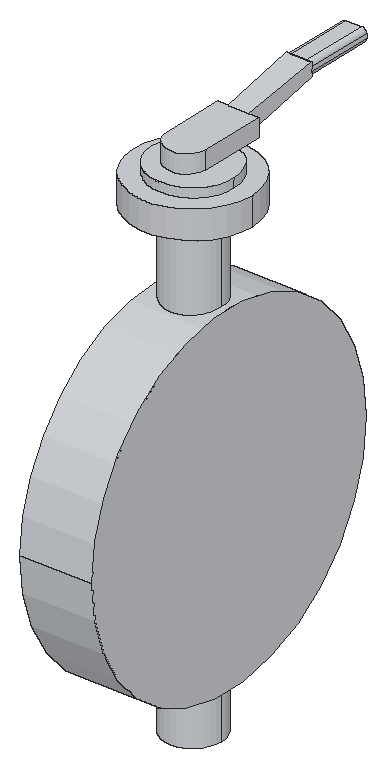
Revit family "HS497-68_disk-nerez_s pákou DN300-RFA_2019", category Pipe Accessories, Revit 2019
Family settings
  Round Connector Dimension = Use Diameter
  Part Type = Valve - Breaks Into
  Work Plane-Based = No
  Always vertical = Yes
  Cut with Voids When Loaded = No
  Shared = No
Parameters (values of type "HS 497-68_DN300_PN16_s pákou")
  magiProductId = ""
  magiProductFamilyId = "53cea81e6f374d17b8841d9c72ad77"
  magiPartTypeId = 305
  isMeasuringValve [instance] = no
  ang2D [instance] = 0.00°
  X11 = 88.77 mm
  X1 = 36.77 mm
  W2D = 1000 mm
  VersionID = "2.0/2017.9.26.1/ZETKAMA_497_001"
  Use Minimum Symbol Size [instance] = yes
  URL = "http://www.hydronic.cz"
  Type Comments = "mezipřírubová; nerezový disk; PN16; -10~+110°C (krátkodobě +120°C)"
  SW30 = no
  SW3 = no
  SW21 = no
  SW20 = yes
  SW2 = yes
  SW1 = no
  R = 150 mm
  QmdConnectorList = "301;D;302;D"
  Productdata [instance] = ""
  NC = 70 mm
  Manufacturer = "Hydronic Systems Prague s.r.o."
  MM20 = 36.77 mm
  MC Product Code = "121 300 (nerezový disk, s pákou; DN300; PN16, kvs7037)"
  M41 = 91.5 mm
  M4 = 61 mm
  LHL = 220 mm
  LHH3 = 2.45 mm
  LHH1 = 46.55 mm
  LH1 = 73.333 mm
  L4R__ve = -L4R  # -22.2 mm
  L4R = 22.2 mm
  L42__ve = -L42  # -166.5 mm
  L42 = 166.5 mm
  L41__ve = -L41  # -33.3 mm
  L41 = 33.3 mm
  L2D_Min = 3048 mm
  L2D = 216 mm
  L2 = 39 mm
  L1 = 62.4 mm
  L = 78 mm
  H = 23 mm
  G22 = 11.25 mm
  G2 = 22.5 mm
  G1 = 90 mm
  G = 130 mm
  F = 22 mm
  E44 = 62.5 mm
  E42 = 125 mm
  E4 = 250 mm
  E23 = 4.9 mm
  E22 = 19.6 mm
  E21 = 9.8 mm
  Description = "Mezipřírubová uzavírací klapka s pákou; nerezový disk, DN300; PN16; kvs7037"
  DR2 = 150 mm
  DR = 376 mm
  DD1 = 31.25 mm
  DD = 25 mm
  D = 300 mm
  CAT0 = yes
  B2__ve = -B2  # -90 mm
  B2 = 90 mm
  A2 = 30.8 mm
  A1 = 127.2 mm
Types (43, lengths in mm): name | magiProductId | X11 | X1 | Type Comments | SW30 | SW3 | SW20 | SW2 | SW1 | R | NC | Manufacturer | MM20 | MC Product Code | M41 | M4 | LHL | LHH3 | LHH1 | LH1 | L4R__ve | L4R | L42__ve | L42 | L41__ve | L41 | L2 | L1 | L | H | G | F | E44 | E42 | E4 | E23 | E22 | E21 | Description | DR2 | DR | DD1 | DD | D | B2__ve | B2 | A2 | A1
  HS 497-68_DN100_PN16_volné vřeteno | "65d1b245f4f142c78569c0602d5754" | 61.456 | 25.456 | "mezipřírubová; nerezový disk; PN16; -10~+110°C (krátkodobě +120°C)" | no | no | no | no | yes | 50 | 50 | "Hydronic Systems Prague s.r.o." | 25.456 | "124 100 (nerezový disk, s volným vřetenem; DN100; PN16, kvs512)" | 66 | 44 | 220 | 2.45 | 46.55 | 73.333 | -12.8 | 12.8 | -96 | 96 | -19.2 | 19.2 | 26 | 41.6 | 52 | 30 | 90 | 11 | 31.25 | 62.5 | 125 | 4.9 | 19.6 | 9.8 | "Mezipřírubová uzavírací klapka s volným vřetenem; nerezový disk, DN100; PN16; kvs512" | 50 | 147 | 15.625 | 12.5 | 100 | -56 | 56 | 16.5 | 98.5
  HS 497-68_DN100_PN16_převodové kolo | "11e91b807e674d428c8e796fcdcfe2" | 61.456 | 25.456 | "mezipřírubová; nerezový disk; PN16; -10~+110°C (krátkodobě +120°C)" | yes | yes | no | no | no | 50 | 50 | "Hydronic Systems Prague s.r.o." | 25.456 | "126 100 (nerezový disk, s převodovým kolem; DN100; PN16, kvs512)" | 65.25 | 43.5 | 220 | 2.45 | 46.55 | 73.333 | -12.8 | 12.8 | -96 | 96 | -19.2 | 19.2 | 26 | 41.6 | 52 | 30 | 90 | 11 | 31.25 | 62.5 | 125 | 4.9 | 19.6 | 9.8 | "Mezipřírubová uzavírací klapka s převodovým kolem; nerezový disk, DN100; PN16; kvs512" | 50 | 147 | 15.625 | 12.5 | 100 | -56 | 56 | 16.5 | 98.5
  HS 497-68_DN100_PN16_s pákou | "28172f0b3f4b47b28323ac71cf8749" | 61.456 | 25.456 | "mezipřírubová; nerezový disk; PN16; -10~+110°C (krátkodobě +120°C)" | no | no | yes | yes | no | 50 | 50 | "Hydronic Systems Prague s.r.o." | 25.456 | "121 100 (nerezový disk, s pákou; DN100; PN16, kvs512)" | 66 | 44 | 260 | 3 | 57 | 86.667 | -12.8 | 12.8 | -96 | 96 | -19.2 | 19.2 | 26 | 41.6 | 52 | 30 | 90 | 11 | 31.25 | 62.5 | 125 | 6 | 24 | 12 | "Mezipřírubová uzavírací klapka s pákou; nerezový disk, DN100; PN16; kvs512" | 50 | 147 | 15.625 | 12.5 | 100 | -56 | 56 | 16.5 | 98.5
  HS 497-68_DN125_PN16_volné vřeteno | "0d813d910fc14f628bb3c2efbd185c" | 61.456 | 25.456 | "mezipřírubová; nerezový disk; PN16; -10~+110°C (krátkodobě +120°C)" | no | no | no | no | yes | 62.5 | 50 | "Hydronic Systems Prague s.r.o." | 25.456 | "124 125 (nerezový disk, s volným vřetenem; DN125; PN16, kvs872)" | 66 | 44 | 220 | 2.45 | 46.55 | 73.333 | -12.8 | 12.8 | -96 | 96 | -19.2 | 19.2 | 28 | 44.8 | 56 | 33 | 90 | 14 | 31.25 | 62.5 | 125 | 4.9 | 19.6 | 9.8 | "Mezipřírubová uzavírací klapka s volným vřetenem; nerezový disk, DN125; PN16; kvs872" | 62.5 | 180 | 15.625 | 12.5 | 125 | -64 | 64 | 18 | 99.5
  HS 497-68_DN125_PN16_převodové kolo | "c56b7c13f372467684996fb1e0e229" | 61.456 | 25.456 | "mezipřírubová; nerezový disk; PN16; -10~+110°C (krátkodobě +120°C)" | yes | yes | no | no | no | 62.5 | 50 | "Hydronic Systems Prague s.r.o." | 25.456 | "126125 (nerezový disk, s převodovým kolem; DN125; PN16, kvs872)" | 65.25 | 43.5 | 220 | 2.45 | 46.55 | 73.333 | -13.5 | 13.5 | -101.25 | 101.25 | -20.25 | 20.25 | 28 | 44.8 | 56 | 33 | 90 | 14 | 40 | 80 | 160 | 4.9 | 19.6 | 9.8 | "Mezipřírubová uzavírací klapka s převodovým kolem; nerezový disk, DN125; PN16; kvs872" | 62.5 | 180 | 20 | 16 | 125 | -64 | 64 | 18 | 99.5
  HS 497-68_DN125_PN16_s pákou | "105993c79a91492399feef7931321a" | 61.456 | 25.456 | "mezipřírubová; nerezový disk; PN16; -10~+110°C (krátkodobě +120°C)" | no | no | yes | yes | no | 62.5 | 50 | "Hydronic Systems Prague s.r.o." | 25.456 | "121 125 (nerezový disk, s pákou; DN125; PN16, kvs872)" | 66 | 44 | 315 | 3.75 | 71.25 | 105 | -12.8 | 12.8 | -96 | 96 | -19.2 | 19.2 | 28 | 44.8 | 56 | 33 | 90 | 14 | 31.25 | 62.5 | 125 | 7.5 | 30 | 15 | "Mezipřírubová uzavírací klapka s pákou; nerezový disk, DN125; PN16; kvs872" | 62.5 | 180 | 15.625 | 12.5 | 125 | -64 | 64 | 18 | 99.5
  HS 497-68_DN150_PN16_volné vřeteno | "50c80cb8ab434f55ab7796e5ac1331" | 61.456 | 25.456 | "mezipřírubová; nerezový disk; PN16; -10~+110°C (krátkodobě +120°C)" | no | no | no | no | yes | 75 | 50 | "Hydronic Systems Prague s.r.o." | 25.456 | "124 150 (nerezový disk, s volným vřetenem; DN150; PN16, kvs1347)" | 66 | 44 | 220 | 2.45 | 46.55 | 73.333 | -12.8 | 12.8 | -96 | 96 | -19.2 | 19.2 | 28 | 44.8 | 56 | 33 | 90 | 14 | 31.25 | 62.5 | 125 | 4.9 | 19.6 | 9.8 | "Mezipřírubová uzavírací klapka s volným vřetenem; nerezový disk, DN150; PN16; kvs1347" | 75 | 206 | 15.625 | 12.5 | 150 | -58 | 58 | 19.3 | 98.7
  HS 497-68_DN150_PN16_převodové kolo | "d94a1a0cf83b476eb10011b327f709" | 61.456 | 25.456 | "mezipřírubová; nerezový disk; PN16; -10~+110°C (krátkodobě +120°C)" | yes | yes | no | no | no | 75 | 50 | "Hydronic Systems Prague s.r.o." | 25.456 | "126 150 (nerezový disk, s převodovým kolem; DN150; PN16, kvs1347)" | 65.25 | 43.5 | 220 | 2.45 | 46.55 | 73.333 | -13.5 | 13.5 | -101.25 | 101.25 | -20.25 | 20.25 | 28 | 44.8 | 56 | 33 | 90 | 14 | 40 | 80 | 160 | 4.9 | 19.6 | 9.8 | "Mezipřírubová uzavírací klapka s převodovým kolem; nerezový disk, DN150; PN16; kvs1347" | 75 | 206 | 20 | 16 | 150 | -58 | 58 | 19.3 | 98.7
  HS 497-68_DN150_PN16_s pákou | "4d2835523fe84828bc50ff0a5a0dfb" | 61.456 | 25.456 | "mezipřírubová; nerezový disk; PN16; -10~+110°C (krátkodobě +120°C)" | no | no | yes | yes | no | 75 | 50 | "Hydronic Systems Prague s.r.o." | 25.456 | "121 150 (nerezový disk, s pákou; DN150; PN16, kvs1347)" | 66 | 44 | 315 | 3.75 | 71.25 | 105 | -12.8 | 12.8 | -96 | 96 | -19.2 | 19.2 | 28 | 44.8 | 56 | 33 | 90 | 14 | 31.25 | 62.5 | 125 | 7.5 | 30 | 15 | "Mezipřírubová uzavírací klapka s pákou; nerezový disk, DN150; PN16; kvs1347" | 75 | 206 | 15.625 | 12.5 | 150 | -58 | 58 | 19.3 | 98.7
  HS 497-68_DN200_PN16_volné vřeteno | "5b29029eaeba47139ee1055a4b9201" | 61.456 | 25.456 | "mezipřírubová; nerezový disk; PN16; -10~+110°C (krátkodobě +120°C)" | no | no | no | no | yes | 100 | 50 | "Hydronic Systems Prague s.r.o." | 25.456 | "124 200 (nerezový disk, s volným vřetenem; DN200; PN16, kvs2675)" | 66 | 44 | 220 | 2.45 | 46.55 | 73.333 | -12.8 | 12.8 | -96 | 96 | -19.2 | 19.2 | 30 | 48 | 60 | 33 | 90 | 17 | 31.25 | 62.5 | 125 | 4.9 | 19.6 | 9.8 | "Mezipřírubová uzavírací klapka s volným vřetenem; nerezový disk, DN200; PN16; kvs2675" | 100 | 257 | 15.625 | 12.5 | 200 | -70 | 70 | 22.5 | 102.5
  HS 497-68_DN200_PN16_převodové kolo | "b2793cc1fcc44cf2a35062cd67c04f" | 61.456 | 25.456 | "mezipřírubová; nerezový disk; PN16; -10~+110°C (krátkodobě +120°C)" | yes | yes | no | no | no | 100 | 57 | "Hydronic Systems Prague s.r.o." | 25.456 | "126 200 (nerezový disk, s převodovým kolem; DN200; PN16, kvs2675)" | 78.75 | 52.5 | 220 | 2.45 | 46.55 | 73.333 | -15.2 | 15.2 | -114 | 114 | -22.8 | 22.8 | 30 | 48 | 60 | 33 | 90 | 17 | 50 | 100 | 200 | 4.9 | 19.6 | 9.8 | "Mezipřírubová uzavírací klapka s převodovým kolem; nerezový disk, DN200; PN16; kvs2675" | 100 | 257 | 25 | 20 | 200 | -70 | 70 | 22.5 | 102.5
  HS 497-68_DN200_PN16_s pákou | "f88d96c7af224537a51e72d7d8fffe" | 61.456 | 25.456 | "mezipřírubová; nerezový disk; PN16; -10~+110°C (krátkodobě +120°C)" | no | no | yes | yes | no | 100 | 50 | "Hydronic Systems Prague s.r.o." | 25.456 | "121 200 (nerezový disk, s pákou; DN200; PN16, kvs2675)" | 66 | 44 | 315 | 3.75 | 71.25 | 105 | -12.8 | 12.8 | -96 | 96 | -19.2 | 19.2 | 30 | 48 | 60 | 33 | 90 | 17 | 31.25 | 62.5 | 125 | 7.5 | 30 | 15 | "Mezipřírubová uzavírací klapka s pákou; nerezový disk, DN200; PN16; kvs2675" | 100 | 257 | 15.625 | 12.5 | 200 | -70 | 70 | 22.5 | 102.5
  HS 497-68_DN250_PN16_volné vřeteno | "b662e8305ca2402b9c510e66e6aa55" | 88.77 | 36.77 | "mezipřírubová; nerezový disk; PN16; -10~+110°C (krátkodobě +120°C)" | no | no | no | no | yes | 125 | 50 | "Hydronic Systems Prague s.r.o." | 36.77 | "124 250 (nerezový disk, s volným vřetenem; DN250; PN16, kvs4555)" | 66 | 44 | 220 | 2.45 | 46.55 | 73.333 | -12.8 | 12.8 | -96 | 96 | -19.2 | 19.2 | 34 | 54.4 | 68 | 23 | 130 | 22 | 31.25 | 62.5 | 125 | 4.9 | 19.6 | 9.8 | "Mezipřírubová uzavírací klapka s volným vřetenem; nerezový disk, DN250; PN16; kvs4555" | 125 | 324 | 15.625 | 12.5 | 250 | -85 | 85 | 28.25 | 129.25
  HS 497-68_DN250_PN16_převodové kolo | "5ee9016806664ddfaa2632711f295c" | 88.77 | 36.77 | "mezipřírubová; nerezový disk; PN16; -10~+110°C (krátkodobě +120°C)" | yes | yes | no | no | no | 125 | 70 | "Hydronic Systems Prague s.r.o." | 36.77 | "126 250 (nerezový disk, s převodovým kolem; DN250; PN16, kvs4555)" | 91.5 | 61 | 220 | 2.45 | 46.55 | 73.333 | -22.2 | 22.2 | -166.5 | 166.5 | -33.3 | 33.3 | 34 | 54.4 | 68 | 23 | 130 | 22 | 62.5 | 125 | 250 | 4.9 | 19.6 | 9.8 | "Mezipřírubová uzavírací klapka s převodovým kolem; nerezový disk, DN250; PN16; kvs4555" | 125 | 324 | 31.25 | 25 | 250 | -85 | 85 | 28.25 | 129.25
  HS 497-68_DN300_PN16_volné vřeteno | "e1886f51ff004380a649519258edf2" | 88.77 | 36.77 | "mezipřírubová; nerezový disk; PN16; -10~+110°C (krátkodobě +120°C)" | no | no | no | no | yes | 150 | 50 | "Hydronic Systems Prague s.r.o." | 36.77 | "124 300 (nerezový disk, s volným vřetenem; DN300; PN16, kvs7037)" | 66 | 44 | 220 | 2.45 | 46.55 | 73.333 | -12.8 | 12.8 | -96 | 96 | -19.2 | 19.2 | 39 | 62.4 | 78 | 23 | 130 | 22 | 31.25 | 62.5 | 125 | 4.9 | 19.6 | 9.8 | "Mezipřírubová uzavírací klapka s volným vřetenem; nerezový disk, DN300; PN16; kvs7037" | 150 | 376 | 15.625 | 12.5 | 300 | -90 | 90 | 30.8 | 127.2
  HS 497-68_DN300_PN16_převodové kolo | "6860f094f77d42088fbebc3c97f755" | 88.77 | 36.77 | "mezipřírubová; nerezový disk; PN16; -10~+110°C (krátkodobě +120°C)" | yes | yes | no | no | no | 150 | 70 | "Hydronic Systems Prague s.r.o." | 36.77 | "126 300 (nerezový disk, s převodovým kolem; DN300; PN16, kvs7037)" | 91.5 | 61 | 220 | 2.45 | 46.55 | 73.333 | -22.2 | 22.2 | -166.5 | 166.5 | -33.3 | 33.3 | 39 | 62.4 | 78 | 23 | 130 | 22 | 62.5 | 125 | 250 | 4.9 | 19.6 | 9.8 | "Mezipřírubová uzavírací klapka s převodovým kolem; nerezový disk, DN300; PN16; kvs7037" | 150 | 376 | 31.25 | 25 | 300 | -90 | 90 | 30.8 | 127.2
  HS 497-68_DN032_PN16_volné vřeteno | "8c5f65de52aa4067a77564107e31b2" | 61.456 | 25.456 | "mezipřírubová; nerezový disk; PN16; -10~+110°C (krátkodobě +120°C)" | no | no | no | no | yes | 16 | 50 | "Hydronic Systems Prague s.r.o." | 25.456 | "124 032 (nerezový disk, s volným vřetenem; DN32; PN16, kvs78)" | 66 | 44 | 220 | 2.45 | 46.55 | 73.333 | -12.8 | 12.8 | -96 | 96 | -19.2 | 19.2 | 16.5 | 26.4 | 33 | 30 | 90 | 11 | 31.25 | 62.5 | 125 | 4.9 | 19.6 | 9.8 | "Mezipřírubová uzavírací klapka s volným vřetenem; nerezový disk, DN32; PN16; kvs78" | 16 | 68 | 15.625 | 12.5 | 32 | -44.2 | 44.2 | 10.25 | 76.25
  HS 497-68_DN032_PN16_převodové kolo | "60aaeffa8b3a4e809ef000e4660060" | 61.456 | 25.456 | "mezipřírubová; nerezový disk; PN16; -10~+110°C (krátkodobě +120°C)" | yes | yes | no | no | no | 16 | 50 | "Hydronic Systems Prague s.r.o." | 25.456 | "126 032 (nerezový disk, s převodovým kolem; DN32; PN16, kvs78)" | 65.25 | 43.5 | 220 | 2.45 | 46.55 | 73.333 | -12.8 | 12.8 | -96 | 96 | -19.2 | 19.2 | 16.5 | 26.4 | 33 | 30 | 90 | 11 | 31.25 | 62.5 | 125 | 4.9 | 19.6 | 9.8 | "Mezipřírubová uzavírací klapka s převodovým kolem; nerezový disk, DN32; PN16; kvs78" | 16 | 68 | 15.625 | 12.5 | 32 | -44.2 | 44.2 | 10.25 | 76.25
  HS 497-68_DN032_PN16_s pákou | "9ad8088d610749a1b871aa2aad8007" | 61.456 | 25.456 | "mezipřírubová; nerezový disk; PN16; -10~+110°C (krátkodobě +120°C)" | no | no | yes | yes | no | 16 | 50 | "Hydronic Systems Prague s.r.o." | 25.456 | "121 032 (nerezový disk, s pákou; DN32; PN16, kvs78)" | 66 | 44 | 220 | 2.45 | 46.55 | 73.333 | -12.8 | 12.8 | -96 | 96 | -19.2 | 19.2 | 16.5 | 26.4 | 33 | 30 | 90 | 11 | 31.25 | 62.5 | 125 | 4.9 | 19.6 | 9.8 | "Mezipřírubová uzavírací klapka s pákou; nerezový disk, DN32; PN16; kvs78" | 16 | 68 | 15.625 | 12.5 | 32 | -44.2 | 44.2 | 10.25 | 76.25
  HS 497-68_DN350_PN10_volné vřeteno | "72a1e05f22944421b7e9596a877137" | 109.255 | 45.255 | "mezipřírubová; nerezový disk; PN10; -10~+110°C (krátkodobě +120°C)" | no | no | no | no | yes | 175 | 50 | "Hydronic Systems Prague s.r.o." | 45.255 | "124 350 (nerezový disk, s volným vřetenem; DN350; PN10, kvs10165)" | 66 | 44 | 220 | 2.45 | 46.55 | 73.333 | -12.8 | 12.8 | -96 | 96 | -19.2 | 19.2 | 39 | 62.4 | 78 | 31 | 160 | 22 | 31.25 | 62.5 | 125 | 4.9 | 19.6 | 9.8 | "Mezipřírubová uzavírací klapka s volným vřetenem; nerezový disk, DN350; PN10; kvs10165" | 175 | 430 | 15.625 | 12.5 | 350 | -88 | 88 | 33.85 | 129.65
  HS 497-68_DN350_PN10_převodové kolo | "a5a01426cb28494ba3afca92f1dace" | 109.255 | 45.255 | "mezipřírubová; nerezový disk; PN10; -10~+110°C (krátkodobě +120°C)" | yes | yes | no | no | no | 175 | 70 | "Hydronic Systems Prague s.r.o." | 45.255 | "126 350 (nerezový disk, s převodovým kolem; DN350; PN10, kvs10165)" | 91.5 | 61 | 220 | 2.45 | 46.55 | 73.333 | -22.2 | 22.2 | -166.5 | 166.5 | -33.3 | 33.3 | 39 | 62.4 | 78 | 31 | 160 | 22 | 62.5 | 125 | 250 | 4.9 | 19.6 | 9.8 | "Mezipřírubová uzavírací klapka s převodovým kolem; nerezový disk, DN350; PN10; kvs10165" | 175 | 430 | 31.25 | 25 | 350 | -88 | 88 | 33.85 | 129.65
  HS 497-68_DN400_PN10_volné vřeteno | "c70ebeb927c04ab99b176e257ad0a7" | 109.255 | 45.255 | "mezipřírubová; nerezový disk; PN10; -10~+110°C (krátkodobě +120°C)" | no | no | no | no | yes | 200 | 50 | "Hydronic Systems Prague s.r.o." | 45.255 | "124 400 (nerezový disk, s volným vřetenem; DN400; PN10, kvs13799)" | 66 | 44 | 220 | 2.45 | 46.55 | 73.333 | -12.8 | 12.8 | -96 | 96 | -19.2 | 19.2 | 51 | 81.6 | 102 | 31 | 160 | 27 | 31.25 | 62.5 | 125 | 4.9 | 19.6 | 9.8 | "Mezipřírubová uzavírací klapka s volným vřetenem; nerezový disk, DN400; PN10; kvs13799" | 200 | 485 | 15.625 | 12.5 | 400 | -108 | 108 | 38 | 142
  HS 497-68_DN400_PN10_převodové kolo | "cc64a4384dcb41b780d81810f4f293" | 109.255 | 45.255 | "mezipřírubová; nerezový disk; PN10; -10~+110°C (krátkodobě +120°C)" | yes | yes | no | no | no | 200 | 72.5 | "Hydronic Systems Prague s.r.o." | 45.255 | "126 400 (nerezový disk, s převodovým kolem; DN400; PN10, kvs13799)" | 103.5 | 69 | 220 | 2.45 | 46.55 | 73.333 | -27.8 | 27.8 | -208.5 | 208.5 | -41.7 | 41.7 | 51 | 81.6 | 102 | 31 | 160 | 27 | 75 | 150 | 300 | 4.9 | 19.6 | 9.8 | "Mezipřírubová uzavírací klapka s převodovým kolem; nerezový disk, DN400; PN10; kvs13799" | 200 | 485 | 37.5 | 30 | 400 | -108 | 108 | 38 | 142
  HS 497-68_DN040_PN16_volné vřeteno | "35f92312390745e88df5b5c325d9ee" | 61.456 | 25.456 | "mezipřírubová; nerezový disk; PN16; -10~+110°C (krátkodobě +120°C)" | no | no | no | no | yes | 20 | 50 | "Hydronic Systems Prague s.r.o." | 25.456 | "124 040 (nerezový disk, s volným vřetenem; DN40; PN16, kvs78)" | 66 | 44 | 220 | 2.45 | 46.55 | 73.333 | -12.8 | 12.8 | -96 | 96 | -19.2 | 19.2 | 16.5 | 26.4 | 33 | 30 | 90 | 11 | 31.25 | 62.5 | 125 | 4.9 | 19.6 | 9.8 | "Mezipřírubová uzavírací klapka s volným vřetenem; nerezový disk, DN40; PN16; kvs78" | 20 | 76 | 15.625 | 12.5 | 40 | -36 | 36 | 11 | 79
  HS 497-68_DN040_PN16_převodové kolo | "d88e968eae3445bc9b7b4e6ff35127" | 61.456 | 25.456 | "mezipřírubová; nerezový disk; PN16; -10~+110°C (krátkodobě +120°C)" | yes | yes | no | no | no | 20 | 50 | "Hydronic Systems Prague s.r.o." | 25.456 | "126 040 (nerezový disk, s převodovým kolem; DN40; PN16, kvs78)" | 65.25 | 43.5 | 220 | 2.45 | 46.55 | 73.333 | -12.8 | 12.8 | -96 | 96 | -19.2 | 19.2 | 16.5 | 26.4 | 33 | 30 | 90 | 11 | 31.25 | 62.5 | 125 | 4.9 | 19.6 | 9.8 | "Mezipřírubová uzavírací klapka s převodovým kolem; nerezový disk, DN40; PN16; kvs78" | 20 | 76 | 15.625 | 12.5 | 40 | -36 | 36 | 11 | 79
  HS 497-68_DN040_PN16_s pákou | "c1b522ca65b4407a98818f232eaacb" | 61.456 | 25.456 | "mezipřírubová; nerezový disk; PN16; -10~+110°C (krátkodobě +120°C)" | no | no | yes | yes | no | 20 | 50 | "Hydronic Systems Prague s.r.o." | 25.456 | "121 040 (nerezový disk, s pákou; DN40; PN16, kvs78)" | 66 | 44 | 220 | 2.45 | 46.55 | 73.333 | -12.8 | 12.8 | -96 | 96 | -19.2 | 19.2 | 16.5 | 26.4 | 33 | 30 | 90 | 11 | 31.25 | 62.5 | 125 | 4.9 | 19.6 | 9.8 | "Mezipřírubová uzavírací klapka s pákou; nerezový disk, DN40; PN16; kvs78" | 20 | 76 | 15.625 | 12.5 | 40 | -36 | 36 | 11 | 79
  HS 497-68_DN450_PN10_volné vřeteno | "a8358bc282f14872b3194e530e590a" | 129.74 | 53.74 | "mezipřírubová; nerezový disk; PN10; -10~+110°C (krátkodobě +120°C)" | no | no | no | no | yes | 225 | 50 | "Hydronic Systems Prague s.r.o." | 53.74 | "124 450 (nerezový disk, s volným vřetenem; DN450; PN10, kvs18514)" | 66 | 44 | 220 | 2.45 | 46.55 | 73.333 | -12.8 | 12.8 | -96 | 96 | -19.2 | 19.2 | 57 | 91.2 | 114 | 38 | 190 | 36 | 31.25 | 62.5 | 125 | 4.9 | 19.6 | 9.8 | "Mezipřírubová uzavírací klapka s volným vřetenem; nerezový, DN450; PN10; kvs18514" | 225 | 536 | 15.625 | 12.5 | 450 | -115 | 115 | 38.05 | 117.45
  HS 497-68_DN450_PN10_převodové kolo | "cdf2d80f54a9414f9cbe50647c0ebd" | 129.74 | 53.74 | "mezipřírubová; nerezový disk; PN10; -10~+110°C (krátkodobě +120°C)" | yes | yes | no | no | no | 225 | 91.5 | "Zetkama" | 53.74 | "126 450 (nerezový disk, s převodovým kolem; DN450; PN10, kvs18514)" | 144.75 | 96.5 | 220 | 2.45 | 46.55 | 73.333 | -32.1 | 32.1 | -240.75 | 240.75 | -48.15 | 48.15 | 57 | 91.2 | 114 | 38 | 190 | 36 | 100 | 200 | 400 | 4.9 | 19.6 | 9.8 | "Mezipřírubová uzavírací klapka s převodovým kolem; nerezový disk, DN450; PN10; kvs18514" | 225 | 536 | 50 | 40 | 450 | -115 | 115 | 38.05 | 117.45
  HS 497-68_DN500_PN10_volné vřeteno | "8c396e27bb2743f98f3c762b6517cd" | 143.397 | 59.397 | "mezipřírubová; nerezový disk; PN10; -10~+110°C (krátkodobě +120°C)" | no | no | no | no | yes | 250 | 50 | "Hydronic Systems Prague s.r.o." | 59.397 | "124 500 (nerezový disk, s volným vřetenem; DN500; PN10, kvs23805)" | 66 | 44 | 220 | 2.45 | 46.55 | 73.333 | -12.8 | 12.8 | -96 | 96 | -19.2 | 19.2 | 63.5 | 101.6 | 127 | 38 | 210 | 36 | 31.25 | 62.5 | 125 | 4.9 | 19.6 | 9.8 | "Mezipřírubová uzavírací klapka s volným vřetenem; nerezový disk, DN500; PN10; kvs23805" | 250 | 593 | 15.625 | 12.5 | 500 | -130 | 130 | 43.25 | 139.25
  HS 497-68_DN500_PN10_převodové kolo | "7647804f32e94cef828a7034a91a46" | 143.397 | 59.397 | "mezipřírubová; nerezový disk; PN10; -10~+110°C (krátkodobě +120°C)" | yes | yes | no | no | no | 250 | 91.5 | "Zetkama" | 59.397 | "126 500 (nerezový disk, s převodovým kolem; DN500; PN10, kvs23805)" | 144.75 | 96.5 | 220 | 2.45 | 46.55 | 73.333 | -32.1 | 32.1 | -240.75 | 240.75 | -48.15 | 48.15 | 63.5 | 101.6 | 127 | 38 | 210 | 36 | 100 | 200 | 400 | 4.9 | 19.6 | 9.8 | "Mezipřírubová uzavírací klapka s převodovým kolem; nerezový disk, DN500; PN10; kvs23805" | 250 | 593 | 50 | 40 | 500 | -130 | 130 | 43.25 | 139.25
  HS 497-68_DN050_volné vřeteno | "d71f296ecd6d4adf8f6e5d9853b4e0" | 61.456 | 25.456 | "mezipřírubová; nerezový disk; PN16; -10~+110°C (krátkodobě +120°C)" | no | no | no | no | yes | 25 | 50 | "Hydronic Systems Prague s.r.o." | 25.456 | "124 050 (nerezový disk, s volným vřetenem; DN50; PN16, kvs98)" | 66 | 44 | 220 | 2.45 | 46.55 | 73.333 | -12.8 | 12.8 | -96 | 96 | -19.2 | 19.2 | 21.5 | 34.4 | 43 | 30 | 90 | 11 | 31.25 | 62.5 | 125 | 4.9 | 19.6 | 9.8 | "Mezipřírubová uzavírací klapka s volným vřetenem; nerezový disk, DN50; PN16; kvs98" | 25 | 100 | 15.625 | 12.5 | 50 | -36.5 | 36.5 | 12 | 83
  HS 497-68_DN050_PN16_převodové kolo | "2fb080deeaed49c58418b94c1da5a4" | 61.456 | 25.456 | "mezipřírubová; nerezový disk; PN16; -10~+110°C (krátkodobě +120°C)" | yes | yes | no | no | no | 25 | 50 | "Hydronic Systems Prague s.r.o." | 25.456 | "126 050 (nerezový disk, s převodovým kolem; DN50; PN16, kvs98)" | 65.25 | 43.5 | 220 | 2.45 | 46.55 | 73.333 | -12.8 | 12.8 | -96 | 96 | -19.2 | 19.2 | 21.5 | 34.4 | 43 | 30 | 90 | 11 | 31.25 | 62.5 | 125 | 4.9 | 19.6 | 9.8 | "Mezipřírubová uzavírací klapka s převodovým kolem; nerezový disk, DN50; PN16; kvs98" | 25 | 100 | 15.625 | 12.5 | 50 | -36.5 | 36.5 | 12 | 83
  HS 497-68_DN050_PN16_s pákou | "dabc632061f94877a994b9b4e68112" | 61.456 | 25.456 | "mezipřírubová; nerezový disk; PN16; -10~+110°C (krátkodobě +120°C)" | no | no | yes | yes | no | 25 | 50 | "Hydronic Systems Prague s.r.o." | 25.456 | "121 050 (nerezový disk, s pákou; DN50; PN16, kvs98)" | 66 | 44 | 220 | 2.45 | 46.55 | 73.333 | -12.8 | 12.8 | -96 | 96 | -19.2 | 19.2 | 21.5 | 34.4 | 43 | 30 | 90 | 11 | 31.25 | 62.5 | 125 | 4.9 | 19.6 | 9.8 | "Mezipřírubová uzavírací klapka s pákou; nerezový disk, DN50; PN16; kvs98" | 25 | 100 | 15.625 | 12.5 | 50 | -36.5 | 36.5 | 12 | 83
  HS 497-68_DN600_PN10_volné vřeteno | "99d5892c14664fce81a7c5903f7711" | 143.397 | 59.397 | "mezipřírubová; nerezový disk; PN10; -10~+110°C (krátkodobě +120°C)" | no | no | no | no | yes | 300 | 50 | "Hydronic Systems Prague s.r.o." | 59.397 | "124 600 (nerezový disk, s volným vřetenem; DN600; PN10, kvs36778)" | 66 | 44 | 220 | 2.45 | 46.55 | 73.333 | -12.8 | 12.8 | -96 | 96 | -19.2 | 19.2 | 77 | 123.2 | 154 | 80 | 210 | 60 | 31.25 | 62.5 | 125 | 4.9 | 19.6 | 9.8 | "Mezipřírubová uzavírací klapka s volným vřetenem; nerezový disk, DN600; PN10; kvs36788" | 300 | 690 | 15.625 | 12.5 | 600 | -140 | 140 | 49.4 | 144.6
  HS 497-68_DN600_PN10_převodové kolo | "b1e26faab48a4c499f6bb11e7e3002" | 143.397 | 59.397 | "mezipřírubová; lnerezový disk; PN10; -10~+110°C (krátkodobě +120°C)" | yes | yes | no | no | no | 300 | 140 | "Hydronic Systems Prague s.r.o." | 59.397 | "126 600 (nerezový disk, s převodovým kolem; DN600; PN10, kvs36778)" | 206.25 | 137.5 | 220 | 2.45 | 46.55 | 73.333 | -40.8 | 40.8 | -306 | 306 | -61.2 | 61.2 | 77 | 123.2 | 154 | 80 | 210 | 60 | 125 | 250 | 500 | 4.9 | 19.6 | 9.8 | "Mezipřírubová uzavírací klapka s převodovým kolem; nerezový disk, DN600; PN10; kvs36788" | 300 | 690 | 62.5 | 50 | 600 | -140 | 140 | 49.4 | 144.6
  HS 497-68_DN065_PN16_volné vřeteno | "5e5e208646e34ec29f889baab5d08e" | 61.456 | 25.456 | "mezipřírubová; lnerezový disk; PN16; -10~+110°C (krátkodobě +120°C)" | no | no | no | no | yes | 32.5 | 50 | "Hydronic Systems Prague s.r.o." | 25.456 | "124 065 (nerezový disk, s volným vřetenem; DN65; PN16, kvs167)" | 66 | 44 | 220 | 2.45 | 46.55 | 73.333 | -12.8 | 12.8 | -96 | 96 | -19.2 | 19.2 | 23 | 36.8 | 46 | 30 | 90 | 11 | 31.25 | 62.5 | 125 | 4.9 | 19.6 | 9.8 | "Mezipřírubová uzavírací klapka s volným vřetenem; nerezový disk, DN65; PN16; kv167" | 32.5 | 108 | 15.625 | 12.5 | 65 | -36.5 | 36.5 | 13.5 | 89
  HS 497-68_DN065_PN16_převodové kolo | "654d74c8d15540b0bfe523d988ccb3" | 61.456 | 25.456 | "mezipřírubová; nerezový disk; PN16; -10~+110°C (krátkodobě +120°C)" | yes | yes | no | no | no | 32.5 | 50 | "Hydronic Systems Prague s.r.o." | 25.456 | "126 065 (nerezový disk, s převodovým kolem; DN65; PN16, kvs167)" | 65.25 | 43.5 | 220 | 2.45 | 46.55 | 73.333 | -12.8 | 12.8 | -96 | 96 | -19.2 | 19.2 | 23 | 36.8 | 46 | 30 | 90 | 11 | 31.25 | 62.5 | 125 | 4.9 | 19.6 | 9.8 | "Mezipřírubová uzavírací klapka s převodovým kolem; nerezový disk, DN65; PN16; kvs167" | 32.5 | 108 | 15.625 | 12.5 | 65 | -36.5 | 36.5 | 13.5 | 89
  HS 497-68_DN065_PN16_s pákou | "ebeb4b59db0641caaf6d6635ab37b9" | 61.456 | 25.456 | "mezipřírubová; nerezový disk; PN16; -10~+110°C (krátkodobě +120°C)" | no | no | yes | yes | no | 32.5 | 50 | "Hydronic Systems Prague s.r.o." | 25.456 | "121 065 (nerezový disk, s pákou; DN65; PN16, kvs167)" | 66 | 44 | 220 | 2.45 | 46.55 | 73.333 | -12.8 | 12.8 | -96 | 96 | -19.2 | 19.2 | 23 | 36.8 | 46 | 30 | 90 | 11 | 31.25 | 62.5 | 125 | 4.9 | 19.6 | 9.8 | "Mezipřírubová uzavírací klapka s pákou; nerezový disk, DN65; PN16; kvs167" | 32.5 | 108 | 15.625 | 12.5 | 65 | -36.5 | 36.5 | 13.5 | 89
  HS 497-68_DN080_PN16_volné vřeteno | "9e85c75c18654e1185a9c48ed6b00e" | 61.456 | 25.456 | "mezipřírubová; nerezový disk; PN16; -10~+110°C (krátkodobě +120°C)" | no | no | no | no | yes | 40 | 50 | "Hydronic Systems Prague s.r.o." | 25.456 | "124 080 (nerezový disk, s volným vřetenem; DN80; PN16, kvs258)" | 66 | 44 | 220 | 2.45 | 46.55 | 73.333 | -12.8 | 12.8 | -96 | 96 | -19.2 | 19.2 | 23 | 36.8 | 46 | 30 | 90 | 11 | 31.25 | 62.5 | 125 | 4.9 | 19.6 | 9.8 | "Mezipřírubová uzavírací klapka s volným vřetenem; nerezový disk, DN80; PN16; kvs258" | 40 | 124 | 15.625 | 12.5 | 80 | -54 | 54 | 14.1 | 86.9
  HS 497-68_DN080_PN16_převodové kolo | "5b3c8238c3d041e68c75b199e7ea46" | 61.456 | 25.456 | "mezipřírubová; nerezový disk; PN16; -10~+110°C (krátkodobě +120°C)" | yes | yes | no | no | no | 40 | 50 | "Hydronic Systems Prague s.r.o." | 25.456 | "126 080 (nerezový disk, s převodovým kolem; DN80; PN16, kvs258)" | 65.25 | 43.5 | 220 | 2.45 | 46.55 | 73.333 | -12.8 | 12.8 | -96 | 96 | -19.2 | 19.2 | 23 | 36.8 | 46 | 30 | 90 | 11 | 31.25 | 62.5 | 125 | 4.9 | 19.6 | 9.8 | "Mezipřírubová uzavírací klapka s převodovým kolem; nerezový disk, DN80; PN16; kvs258" | 40 | 124 | 15.625 | 12.5 | 80 | -54 | 54 | 14.1 | 86.9
  HS 497-68_DN080_PN16_s pákou | "e414795fab0f4eccb99bc3572c5477" | 61.456 | 25.456 | "mezipřírubová; nerezový disk; PN16; -10~+110°C (krátkodobě +120°C)" | no | no | yes | yes | no | 40 | 50 | "Hydronic Systems Prague s.r.o." | 25.456 | "121 080 (nerezový disk, s pákou; DN80; PN16, kvs258)" | 66 | 44 | 260 | 3 | 57 | 86.667 | -12.8 | 12.8 | -96 | 96 | -19.2 | 19.2 | 23 | 36.8 | 46 | 30 | 90 | 11 | 31.25 | 62.5 | 125 | 6 | 24 | 12 | "Mezipřírubová uzavírací klapka s pákou; nerezový disk, DN80; PN16; kvs258" | 40 | 124 | 15.625 | 12.5 | 80 | -54 | 54 | 14.1 | 86.9
  HS 497-68_DN250_PN16_s pákou | "" | 88.77 | 36.77 | "mezipřírubová; nerezový disk; PN16; -10~+110°C (krátkodobě +120°C)" | no | no | yes | yes | no | 125 | 70 | "Hydronic Systems Prague s.r.o." | 36.77 | "121 250 (nerezový disk, s ákou; DN250; PN16, kvs4555)" | 91.5 | 61 | 220 | 2.45 | 46.55 | 73.333 | -22.2 | 22.2 | -166.5 | 166.5 | -33.3 | 33.3 | 34 | 54.4 | 68 | 23 | 130 | 22 | 62.5 | 125 | 250 | 4.9 | 19.6 | 9.8 | "Mezipřírubová uzavírací klapka s pákou; nerezový disk, DN250; PN16; kvs4555" | 125 | 324 | 31.25 | 25 | 250 | -85 | 85 | 28.25 | 129.25
  HS 497-68_DN300_PN16_s pákou | "" | 88.77 | 36.77 | "mezipřírubová; nerezový disk; PN16; -10~+110°C (krátkodobě +120°C)" | no | no | yes | yes | no | 150 | 70 | "Hydronic Systems Prague s.r.o." | 36.77 | "121 300 (nerezový disk, s pákou; DN300; PN16, kvs7037)" | 91.5 | 61 | 220 | 2.45 | 46.55 | 73.333 | -22.2 | 22.2 | -166.5 | 166.5 | -33.3 | 33.3 | 39 | 62.4 | 78 | 23 | 130 | 22 | 62.5 | 125 | 250 | 4.9 | 19.6 | 9.8 | "Mezipřírubová uzavírací klapka s pákou; nerezový disk, DN300; PN16; kvs7037" | 150 | 376 | 31.25 | 25 | 300 | -90 | 90 | 30.8 | 127.2
Reference planes
  plane 1 "Center (Front/Back)": y = 0
  plane 2 "XYPLANE": z = 0
  plane 3 "Center (Left/Right)": x = 0
  plane 4 "473": x = -36.77
  plane 5 "472": x = -91.5
  plane 6 "471": y = -36.77
  plane 7 "470": y = 36.77
  plane 8 "469": x = -61
  plane 9 "468": y = -199.8
  plane 10 "467": y = -166.5
  plane 11 "466": z = 370.5
  plane 12 "465": z = 354.55
  plane 13 "464": y = 145.417
  plane 14 "463": z = 344.75
  plane 15 "462": z = 327.6
  plane 16 "461": z = 337.4
  plane 17 "460": y = 72.083
  plane 18 "459": x = -11.25
  plane 19 "458": x = 11.25
  plane 20 "457": y = -6.25
  plane 21 "456": x = -17.5
  plane 22 "455": x = 17.5
  plane 23 "454": z = 342.3
  plane 24 "453": y = 62.083
  plane 25 "452": y = -11.25
  plane 26 "451": x = -22.5
  plane 27 "450": x = 22.5
  plane 28 "449": z = 322.7
  plane 29 "448": z = 317.8
  plane 30 "447": z = -150
  plane 31 "446": z = 308
  plane 32 "445": z = 277.2
  plane 33 "444": z = 150
  plane 34 "443": x = 39
  plane 35 "442": x = -39
  plane 36 "441": z = 0
  plane 37 "440": y = 0
  plane 38 "439": x = 0
  plane 39 "438": z = 357
  plane 40 "437": z = 342.3
  plane 41 "436": x = 13.7
  plane 42 "435": x = -13.7
  plane 43 "434": y = 220
Forms (mm)
  Extrusion 1, solid, visible <- "SW3"
    sketch origin (-750, 0, 308) x (1, 0, 0) y (0, 1, 0)
      loop
        line (658.5, 36.77) -> (658.5, -36.77) -> (713.23, -36.77)
        arc (713.23, -36.77) -> (802, 0) -> (713.23, 36.77) r 52
        line (713.23, 36.77) -> (658.5, 36.77)
    from 0 to 125 <- "E42"
  Extrusion 2, solid, visible <- "SW30"
    sketch origin (0, -750, 0) x (0, 1, 0) y (0, 0, 1)
      loop
        circle (750, 370.5) r 15.625
    from 0 to 70 <- "NC"
  Extrusion 3, solid, visible <- "SW30"
    sketch origin (750, -199.8, 0) x (-1, 0, 0) y (0, 0, 1)
      loop
        circle (811, 370.5) r 125
    from 0 to -22.2 <- "L4R__ve"
  Extrusion 4, solid, visible <- "SW3"
    sketch origin (750, -166.5, 0) x (-1, 0, 0) y (0, 0, 1)
      loop
        circle (811, 370.5) r 15.625
    from 0 to -33.3 <- "L41__ve"
  Extrusion 5, solid, visible <- "SW30"
    sketch origin (750, 0, 0) x (-1, 0, 0) y (0, 0, 1)
      loop
        circle (811, 370.5) r 12.5
    from 0 to -166.5 <- "L42__ve"
  Blend 6, solid, visible <- "SW21"
    base sketch origin (750, 72.083, 0) x (-1, 0, 0) y (0, 0, 1)
      loop
        line (761.25, 337.4) -> (738.75, 337.4) -> (738.75, 327.6) -> (761.25, 327.6) -> (761.25, 337.4)
    top sketch origin (750, 72.083, 0) x (-1, 0, 0) y (0, 0, 1)
      loop
        line (761.25, 354.55) -> (738.75, 354.55) -> (738.75, 344.75) -> (761.25, 344.75) -> (761.25, 354.55)
    from 0 to 73.333
  Blend 7, solid, visible <- "SW21"
    base sketch origin (750, 62.083, 0) x (-1, 0, 0) y (0, 0, 1)
      loop
        line (761.25, 342.3) -> (738.75, 342.3) -> (738.75, 322.7) -> (761.25, 322.7) -> (761.25, 342.3)
    top sketch origin (750, 62.083, 0) x (-1, 0, 0) y (0, 0, 1)
      loop
        line (761.25, 337.4) -> (738.75, 337.4) -> (738.75, 327.6) -> (761.25, 327.6) -> (761.25, 337.4)
    from 0 to 10
  Blend 8, solid, visible <- "SW21"
    base sketch origin (-750, 0, 322.7) x (1, 0, 0) y (0, 1, 0)
      loop
        line (772.5, 62.083) -> (727.5, 62.083) -> (727.5, -11.25)
        arc (727.5, -11.25) -> (750, -31.25) -> (772.5, -11.25) r 22.656
        line (772.5, -11.25) -> (772.5, 62.083)
    top sketch origin (-750, 0, 322.7) x (1, 0, 0) y (0, 1, 0)
      loop
        line (767.5, 62.083) -> (732.5, 62.083) -> (732.5, -6.25)
        arc (732.5, -6.25) -> (750, -26.25) -> (767.5, -6.25) r 17.656
        line (767.5, -6.25) -> (767.5, 62.083)
    from 0 to 19.6
  Extrusion 9, solid, visible <- "SW2"
    sketch origin (-750, 0, 317.8) x (1, 0, 0) y (0, 1, 0)
      loop
        circle (750, 0) r 11.25
    from 0 to 4.9 <- "E23"
  Extrusion 10, solid, visible <- "SW2"
    sketch origin (-750, 0, 308) x (1, 0, 0) y (0, 1, 0)
      loop
        circle (750, 0) r 45
    from 0 to 9.8 <- "E21"
  Extrusion 11, solid, visible <- "CAT0"
    sketch origin (-750, 0, -150) x (1, 0, 0) y (0, 1, 0)
      loop
        circle (750, 0) r 31.2
    from 0 to -90 <- "B2__ve"
  Extrusion 12, solid, visible <- "CAT0"
    sketch origin (-750, 0, 277.2) x (1, 0, 0) y (0, 1, 0)
      loop
        circle (750, 0) r 65
    from 0 to 30.8 <- "A2"
  Extrusion 13, solid, visible <- "CAT0"
    sketch origin (-750, 0, 150) x (1, 0, 0) y (0, 1, 0)
      loop
        circle (750, 0) r 31.2
    from 0 to 127.2 <- "A1"
  Extrusion 14, solid, visible <- "CAT0"
    sketch origin (-39, -750, 0) x (0, 1, 0) y (0, 0, 1)
      loop
        circle (750, 0) r 188
    from 0 to 78 <- "L"
  Extrusion 15, solid, visible <- "SW1"
    sketch origin (-750, 0, 308) x (1, 0, 0) y (0, 1, 0)
      loop
        line (761, 11) -> (739, 11) -> (739, -11) -> (761, -11) -> (761, 11)
    from 0 to 23 <- "H"
  Blend 16, solid, visible <- "SW2"
    base sketch origin (750, 145.417, 0) x (-1, 0, 0) y (0, 0, 1)
      loop
        arc (763.7, 352) -> (762.236, 355.536) -> (758.7, 357) r 5
        line (758.7, 357) -> (741.3, 357)
        arc (741.3, 357) -> (737.764, 355.536) -> (736.3, 352) r 5
        line (736.3, 352) -> (736.3, 347.3)
        arc (736.3, 347.3) -> (737.764, 343.764) -> (741.3, 342.3) r 5
        line (741.3, 342.3) -> (758.7, 342.3)
        arc (758.7, 342.3) -> (762.236, 343.764) -> (763.7, 347.3) r 5
        line (763.7, 347.3) -> (763.7, 352)
    top sketch origin (750, 145.417, 0) x (-1, 0, 0) y (0, 0, 1)
      loop
        arc (763.7, 352) -> (762.236, 355.536) -> (758.7, 357) r 5
        line (758.7, 357) -> (741.3, 357)
        arc (741.3, 357) -> (737.764, 355.536) -> (736.3, 352) r 5
        line (736.3, 352) -> (736.3, 347.3)
        arc (736.3, 347.3) -> (737.764, 343.764) -> (741.3, 342.3) r 5
        line (741.3, 342.3) -> (758.7, 342.3)
        arc (758.7, 342.3) -> (762.236, 343.764) -> (763.7, 347.3) r 5
        line (763.7, 347.3) -> (763.7, 352)
    from 0 to 74.583
  Blend 17, solid, visible <- "SW20"
    base sketch origin (750, 145.417, 0) x (-1, 0, 0) y (0, 0, 1)
      loop
        line (763.7, 357) -> (736.3, 357) -> (736.3, 342.3) -> (763.7, 342.3) -> (763.7, 357)
    top sketch origin (750, 145.417, 0) x (-1, 0, 0) y (0, 0, 1)
      loop
        line (761.25, 342.3) -> (738.75, 342.3) -> (738.75, 322.7) -> (761.25, 322.7) -> (761.25, 342.3)
    from 0 to -83.333
  Extrusion 18, solid, visible <- "SW20"
    sketch origin (-750, 0, 322.7) x (1, 0, 0) y (0, 1, 0)
      loop
        line (772.5, 62.083) -> (727.5, 62.083) -> (727.5, -11.25)
        arc (727.5, -11.25) -> (750, -31.25) -> (772.5, -11.25) r 22.656
        line (772.5, -11.25) -> (772.5, 62.083)
    from 0 to 19.6 <- "E22"
  Extrusion 19, solid, not visible
    sketch origin (-39, -750, 0) x (0, 1, 0) y (0, 0, 1)
      loop
        circle (750, 0) r 10
    from 0 to 10
  Extrusion 20, solid, not visible
    sketch origin (39, -750, 0) x (0, 1, 0) y (0, 0, 1)
      loop
        circle (750, 0) r 10
    from 0 to -10
Lines and regions (mm)
  reference lines, not visible
    curve 1: circle (2, 2, 0) r 1 normal (0, 0, 1)
  reference lines
    curve 2: line (-36.77, -36.77, 308) -> (-36.77, 36.77, 308)
    curve 3: line (-17.5, -6.25, 322.7) -> (17.5, -6.25, 322.7)
    curve 4: line (-22.5, -11.25, 322.7) -> (22.5, -11.25, 322.7)
    curve 5: circle (0, 0, 308) r 1 normal (0, 0, 1)
    curve 6: line (-22.5, -11.25, 322.7) -> (22.5, -11.25, 322.7)
Dimensions and locks
  plane 1 "Center (Front/Back)" to curve 1 = 2 mm
  "X1": plane 3 "Center (Left/Right)" to plane 4 "473"
  "M41": plane 3 "Center (Left/Right)" to plane 5 "472"
  "MM20": plane 1 "Center (Front/Back)" to plane 6 "471"
  "MM20": plane 1 "Center (Front/Back)" to plane 7 "470"
  "M4": plane 3 "Center (Left/Right)" to plane 8 "469"
  "L41": plane 10 "467" to plane 9 "468"
  "L42": plane 1 "Center (Front/Back)" to plane 10 "467"
  "E44": plane 31 "446" to plane 11 "466"
  "LHH1": plane 31 "446" to plane 12 "465"
  "LH1": plane 17 "460" to plane 13 "464"
  "E21": plane 12 "465" to plane 14 "463"
  "E21": plane 16 "461" to plane 15 "462"
  "E23": plane 23 "454" to plane 16 "461"
  locked: plane 24 "453" to plane 17 "460" at 10
  "G22": plane 3 "Center (Left/Right)" to plane 18 "459"
  "G22": plane 3 "Center (Left/Right)" to plane 19 "458"
  locked: plane 25 "452" to plane 20 "457" at 5
  locked: plane 26 "451" to plane 21 "456" at 5
  locked: plane 27 "450" to plane 22 "455" at 5
  "E22": plane 28 "449" to plane 23 "454"
  "LH1": plane 25 "452" to plane 24 "453"
  "G22": plane 1 "Center (Front/Back)" to plane 25 "452"
  "G2": plane 3 "Center (Left/Right)" to plane 26 "451"
  "G2": plane 3 "Center (Left/Right)" to plane 27 "450"
  "E23": plane 29 "448" to plane 28 "449"
  "E21": plane 31 "446" to plane 29 "448"
  "R": plane 2 "XYPLANE" to plane 30 "447"
  "A2": plane 32 "445" to plane 31 "446"
  "A1": plane 33 "444" to plane 32 "445"
  "DR2": plane 2 "XYPLANE" to plane 33 "444"
  "L2": plane 3 "Center (Left/Right)" to plane 34 "443"
  "L2": plane 3 "Center (Left/Right)" to plane 35 "442"
  locked: plane 2 "XYPLANE" to plane 36 "441"
  locked: plane 1 "Center (Front/Back)" to plane 37 "440"
  locked: plane 3 "Center (Left/Right)" to plane 38 "439"
  "LHH3": plane 12 "465" to plane 39 "438"
  "LHH3": plane 14 "463" to plane 40 "437"
  "LHH3": plane 19 "458" to plane 41 "436"
  "LHH3": plane 18 "459" to plane 42 "435"
  "LHL": plane 1 "Center (Front/Back)" to plane 43 "434"
  "X11": curve 2 to Extrusion 1 sketch curve
  Extrusion 1 sketch curve to Extrusion 1 sketch curve = 0 mm  (x8)
  Blend 6 sketch curve to Blend 6 sketch curve = 0 mm  (x16)
  Blend 7 sketch curve to Blend 7 sketch curve = 0 mm  (x16)
  Blend 8 sketch curve to Blend 8 sketch curve = 0 mm  (x16)
  equal spacing: Extrusion 15 sketch curve, curve 5, Extrusion 15 sketch curve  (x2)
  "F": Extrusion 15 sketch curve to Extrusion 15 sketch curve  (x2)
  Blend 16 sketch curve to Blend 16 sketch curve = 0 mm  (x32)
  Blend 17 sketch curve to Blend 17 sketch curve = 0 mm  (x16)
  Extrusion 18 sketch curve to Extrusion 18 sketch curve = 0 mm  (x8)
  "DD1": diameter of Extrusion 2 sketch curve
  "E4": diameter of Extrusion 3 sketch curve
  "DD1": diameter of Extrusion 4 sketch curve
  "DD": diameter of Extrusion 5 sketch curve
  "G2": diameter of Extrusion 9 sketch curve
  "G1": diameter of Extrusion 10 sketch curve
  "L1": diameter of Extrusion 11 sketch curve
  "G": diameter of Extrusion 12 sketch curve
  "L1": diameter of Extrusion 13 sketch curve
  "DR": diameter of Extrusion 14 sketch curve
  radius of Blend 16 sketch curve = 5 mm  (x8)
  aligned and locked: level to plane 2 "XYPLANE"
  aligned and locked: Extrusion 1 sketch curve to plane 5 "472"
  aligned and locked: plane 7 "470" to Extrusion 1 sketch curve
  aligned and locked: plane 6 "471" to Extrusion 1 sketch curve
  aligned and locked: plane 5 "472" to Extrusion 1 sketch curve
  aligned and locked: plane 4 "473" to Extrusion 1 sketch curve  (x2)
  aligned and locked: plane 4 "473" to curve 2
  aligned and locked: plane 6 "471" to curve 2
  aligned and locked: plane 7 "470" to curve 2
  aligned and locked: Extrusion 1 sketch curve to plane 7 "470"
  aligned and locked: plane 11 "466" to Extrusion 2 sketch curve
  aligned and locked: plane 37 "440" to Extrusion 2 sketch curve
  aligned and locked: plane 8 "469" to Extrusion 3 sketch curve
  aligned and locked: plane 11 "466" to Extrusion 3 sketch curve
  aligned and locked: plane 8 "469" to Extrusion 4 sketch curve
  aligned and locked: plane 11 "466" to Extrusion 4 sketch curve
  aligned and locked: plane 8 "469" to Extrusion 5 sketch curve
  aligned and locked: plane 11 "466" to Extrusion 5 sketch curve
  aligned and locked: plane 12 "465" to Blend 6 sketch curve  (x2)
  aligned and locked: plane 18 "459" to Blend 6 sketch curve  (x4)
  aligned and locked: plane 19 "458" to Blend 6 sketch curve  (x4)
  aligned and locked: plane 14 "463" to Blend 6 sketch curve  (x2)
  aligned and locked: plane 16 "461" to Blend 6 sketch curve  (x2)
  aligned and locked: plane 15 "462" to Blend 6 sketch curve  (x2)
  aligned and locked: plane 13 "464" to Blend 6
  aligned and locked: plane 16 "461" to Blend 7 sketch curve  (x2)
  aligned and locked: plane 18 "459" to Blend 7 sketch curve  (x4)
  aligned and locked: plane 19 "458" to Blend 7 sketch curve  (x4)
  aligned and locked: plane 15 "462" to Blend 7 sketch curve  (x2)
  aligned and locked: plane 23 "454" to Blend 7 sketch curve  (x2)
  aligned and locked: plane 28 "449" to Blend 7 sketch curve  (x2)
  aligned and locked: plane 17 "460" to Blend 7
  aligned and locked: plane 24 "453" to Blend 8 sketch curve  (x4)
  aligned and locked: plane 22 "455" to Blend 8 sketch curve  (x2)
  aligned and locked: plane 21 "456" to Blend 8 sketch curve
  aligned and locked: plane 20 "457" to Blend 8 sketch curve  (x2)
  aligned and locked: curve 3 to plane 20 "457"
  aligned and locked: plane 21 "456" to curve 3
  aligned and locked: plane 22 "455" to curve 3
  aligned and locked: plane 27 "450" to Blend 8 sketch curve  (x2)
  aligned and locked: plane 26 "451" to Blend 8 sketch curve
  aligned and locked: plane 25 "452" to Blend 8 sketch curve  (x2)
  aligned and locked: curve 4 to plane 25 "452"
  aligned and locked: plane 26 "451" to curve 4
  aligned and locked: plane 27 "450" to curve 4
  aligned and locked: plane 23 "454" to Blend 8
  aligned and locked: plane 37 "440" to Extrusion 9 sketch curve
  aligned and locked: plane 38 "439" to Extrusion 9 sketch curve
  aligned and locked: plane 37 "440" to Extrusion 10 sketch curve
  aligned and locked: plane 38 "439" to Extrusion 10 sketch curve
  aligned and locked: plane 37 "440" to Extrusion 11 sketch curve
  aligned and locked: plane 38 "439" to Extrusion 11 sketch curve
  aligned and locked: plane 37 "440" to Extrusion 12 sketch curve
  aligned and locked: plane 38 "439" to Extrusion 12 sketch curve
  aligned and locked: plane 37 "440" to Extrusion 13 sketch curve
  aligned and locked: plane 38 "439" to Extrusion 13 sketch curve
  aligned and locked: plane 36 "441" to Extrusion 14 sketch curve
  aligned and locked: Extrusion 14 sketch curve to plane 37 "440"
  aligned and locked: plane 37 "440" to curve 5
  aligned and locked: plane 38 "439" to curve 5
  aligned and locked: plane 39 "438" to Blend 16 sketch curve  (x2)
  aligned and locked: plane 41 "436" to Blend 16 sketch curve  (x2)
  aligned and locked: Blend 16 sketch curve to plane 40 "437"  (x2)
  aligned and locked: Blend 16 sketch curve to plane 42 "435"  (x2)
  aligned and locked: plane 43 "434" to Blend 16
  aligned and locked: plane 23 "454" to Blend 17 sketch curve  (x2)
  aligned and locked: plane 18 "459" to Blend 17 sketch curve  (x2)
  aligned and locked: plane 19 "458" to Blend 17 sketch curve  (x2)
  aligned and locked: plane 28 "449" to Blend 17 sketch curve  (x2)
  aligned and locked: plane 39 "438" to Blend 17 sketch curve  (x2)
  aligned and locked: plane 42 "435" to Blend 17 sketch curve  (x2)
  aligned and locked: plane 41 "436" to Blend 17 sketch curve  (x2)
  aligned and locked: plane 40 "437" to Blend 17 sketch curve  (x2)
  aligned and locked: Blend 17 to plane 24 "453"
  aligned and locked: plane 24 "453" to Extrusion 18 sketch curve  (x2)
  aligned and locked: plane 27 "450" to Extrusion 18 sketch curve  (x2)
  aligned and locked: plane 26 "451" to Extrusion 18 sketch curve
  aligned and locked: plane 25 "452" to Extrusion 18 sketch curve  (x2)
  aligned and locked: curve 6 to plane 25 "452"
  aligned and locked: plane 26 "451" to curve 6
  aligned and locked: plane 27 "450" to curve 6
  aligned and locked: plane 36 "441" to Extrusion 19 sketch curve
  aligned and locked: Extrusion 19 sketch curve to plane 37 "440"
  aligned and locked: plane 36 "441" to Extrusion 20 sketch curve
  aligned and locked: Extrusion 20 sketch curve to plane 37 "440"
Automatic sketch dimensions
  Blend 8 sketch curve to plane 20 "457" = 2.344 mm  (x2)
  Extrusion 18 sketch curve to plane 20 "457" = 2.344 mm
  plane 25 "452" to Extrusion 19 sketch curve = 1.25 mm
  plane 25 "452" to Extrusion 20 sketch curve = 1.25 mm
  plane 3 "Center (Left/Right)" to curve 1 = 2 mm
  Extrusion 15 sketch curve to plane 3 "Center (Left/Right)" = 11 mm
  Extrusion 15 sketch curve to plane 20 "457" = 4.75 mm
  radius of curve 5 = 1 mm
  radius of curve 1 = 1 mm
Connectors
  piping at (-39, 0, 0), diameter 300, driven by "D"
    settings: on Extrusion 19, index 1, connector inside diameter 609.6 mm, connector length 0 mm, flow factor 0, pipe flow 0.0 L/s, pressure drop 0.0 Pa, fitting loss kfactor 0, connector angle 0.00°, fixture units 0, engagement length 0 mm, angle of deflection 0.00°, flow configuration 0, flow direction 0, fitting loss method 0, system type 29, joint type 0, gender type 0, connector reference index 2, connector utility 0, adjustable connector no, is connector primary yes, connector description ""
  piping at (39, 0, 0), diameter 300, driven by "D"
    settings: on Extrusion 20, index 2, connector inside diameter 609.6 mm, connector length 0 mm, flow factor 0, pipe flow 0.0 L/s, pressure drop 0.0 Pa, fitting loss kfactor 0, connector angle 0.00°, fixture units 0, engagement length 0 mm, angle of deflection 0.00°, flow configuration 0, flow direction 0, fitting loss method 0, system type 29, joint type 0, gender type 0, connector reference index 1, connector utility 0, adjustable connector no, is connector primary no, connector description ""
